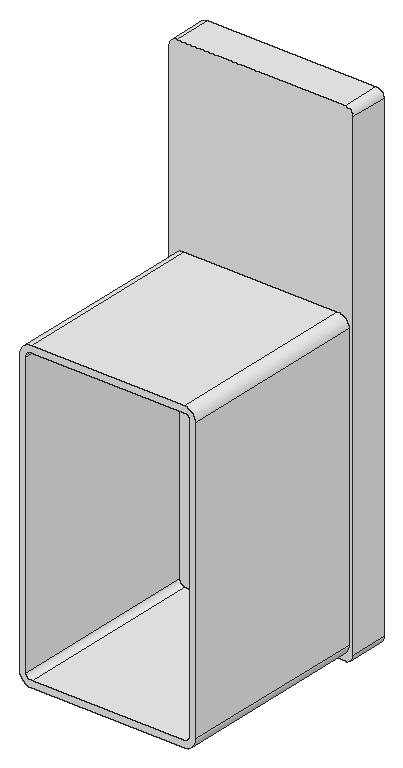
Revit family "rba-bim-rba1643-100", category Plumbing Fixtures, Revit 2016
Family settings
  Part Type = Normal
  Round Connector Dimension = Use Diameter
  Work Plane-Based = No
  Always vertical = No
  Cut with Voids When Loaded = No
  Shared = Yes
  Room Calculation Point = No
Parameters (values of type "RBA1643-100")
  Watermarked By = "www.rba.com.au"
  Waste Connection = yes
  Vent Connection = yes
  URL = ""
  Phone Number = "1300 788 778"
  Modified Issue = "20190225.01"
  Model = "RBA1643-100"
  Materials and Finishes = Chrome Plated Brass
  Manufacturer Model = ""
  Manufacturer = "RBA Group"  # constant formula
  HW Connection = yes
  Description = "äska Robe Hook"
  Copyright by = "RBA Group"  # constant formula
  CW Connection = yes
Types (2, lengths in mm): name | Modified Issue | Model | Materials and Finishes
  RBA1643-100 | "20190225.01" | "RBA1643-100" | Chrome Plated Brass
  RBA1643-300 | "20190925.01" | "RBA1643-300" | Heavy Duty Brass in a Matte Black Finish
Reference planes
  plane 1 "Center (Front/Back)": y = 0
  plane 2: z = 0
  plane 3 "Center (Left/Right)": x = 0
Forms (mm)
  Extrusion 1, solid, material "Chrome Plated Brass" <- "Materials and Finishes"
    sketch origin (0, 0, 0) x (1, 0, 0) y (0, 0, 1)
      loop
        line (11, 65) -> (-11, 65)
        arc (-11, 65) -> (-11.707, 64.707) -> (-12, 64) r 1
        line (-12, 64) -> (-12, 1)
        arc (-12, 1) -> (-11.707, 0.293) -> (-11, 0) r 1
        line (-11, 0) -> (11, 0)
        arc (11, 0) -> (11.707, 0.293) -> (12, 1) r 1
        line (12, 1) -> (12, 64)
        arc (12, 64) -> (11.707, 64.707) -> (11, 65) r 1
    from 0 to 5
  Extrusion 2, solid, material "Chrome Plated Brass" <- "Materials and Finishes"
    sketch origin (0, 0, 0) x (1, 0, 0) y (0, 0, 1)
      loop
        line (-11.5, 39) -> (-11.5, 2)
        arc (-11.5, 2) -> (-11.061, 0.939) -> (-10, 0.5) r 1.5
        line (-10, 0.5) -> (10, 0.5)
        arc (10, 0.5) -> (11.061, 0.939) -> (11.5, 2) r 1.5
        line (11.5, 2) -> (11.5, 39)
        arc (11.5, 39) -> (11.061, 40.061) -> (10, 40.5) r 1.5
        line (10, 40.5) -> (-10, 40.5)
        arc (-10, 40.5) -> (-11.061, 40.061) -> (-11.5, 39) r 1.5
      loop
        line (-10, 1.3) -> (10, 1.3)
        arc (10, 1.3) -> (10.495, 1.505) -> (10.7, 2) r 0.7
        line (10.7, 2) -> (10.7, 39)
        arc (10.7, 39) -> (10.495, 39.495) -> (10, 39.7) r 0.7
        line (10, 39.7) -> (-10, 39.7)
        arc (-10, 39.7) -> (-10.495, 39.495) -> (-10.7, 39) r 0.7
        line (-10.7, 39) -> (-10.7, 2)
        arc (-10.7, 2) -> (-10.495, 1.505) -> (-10, 1.3) r 0.7
    from 5 to 30
Dimensions and locks
  aligned and locked: plane 2 to level
